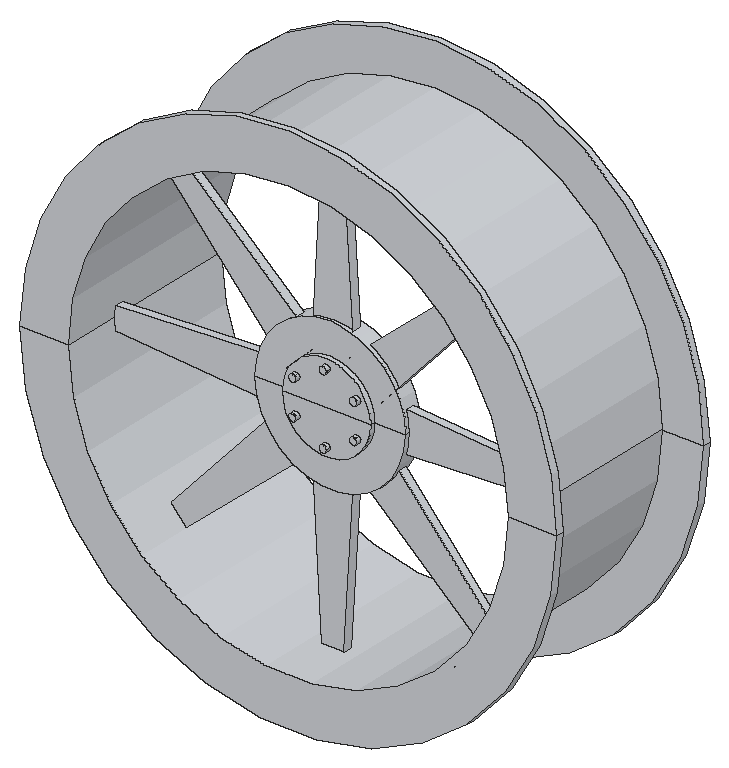
Revit family "CADS_Vent-Axia_MechEquip_Fan_VSC_SabreSickleShortCased_3Ph4P - EXTRACT", category Mechanical Equipment, Revit 2020
Family settings
  Round Connector Dimension = Use Diameter
  Part Type = Normal
  OmniClass Number = 23.75.00.00
  OmniClass Title = Climate Control (HVAC)
  Work Plane-Based = No
  Always vertical = Yes
  Cut with Voids When Loaded = No
  Shared = No
  Room Calculation Point = No
Parameters (values of type "VSC31534A")
  WorkingPressure = 0.0 Pa
  WarrantyStartDate [instance] = "1900-12-31T23:59:59"
  WarrantyPeriod = ""
  WarrantyIdentifier = "N/A"
  WarrantyGuarantorParts = "tech@vent-axia.com"
  WarrantyGuarantorLabor = "tech@vent-axia.com"
  WarrantyGuarantor = "Vent-Axia Limited"
  WarrantyEndDate [instance] = "1900-12-31T23:59:59"
  WarrantyContent = ""
  TemperatureRange = ""
  TagNumber [instance] = "N/A"
  SustainabilityPerformance = ""
  Status = "New"
  Size = ""
  Shape = ""
  ServiceLifeType = ""
  ServiceLifeDuration = ""
  SerialNumber [instance] = "N/A"
  ReplacementCost = ""
  RatedVoltage = 0 V
  RatedCurrent = 0 A
  Quantity = 1
  ProductionYear = ""
  PressureCurve = ""
  PowerFactor = ""
  PointOfContact = ""
  NumberOfPoles = 0
  NominalWidth = 315 mm
  NominalLength = 136.5 mm
  NominalHeight = 315 mm
  NominalFrequencyRange = ""
  NominalDiameter = 315 mm
  ModelReference = "OWLET SICKLE CASE FAN 315DIA 3PH 4 POLE"
  ModelNumber = "VSC31534A"
  Material = ""
  ManufacturerE-Mail = "tech@vent-axia.com"
  ManufacturerAddress = "Fleming Way\nCrawley \nRH10 9YX"
  IsExtendedWarranty = no
  InsulationStandardClass = ""
  InstallationDate [instance] = "1900-12-31T23:59:59"
  IfcExportType [instance] = ""
  IfcExportAs = "IfcFanType"
  IP_Code = ""
  HasProtectiveEarth = no
  GrossWeight = 0.00 kg
  Grade = ""
  GlobalTradeItemNumber [instance] = "N/A"
  Fitting Type = "Ignore"
  Finish = ""
  Features = ""
  ExteriorInsulation = no
  ExpectedServiceLife = 0
  Exclusions = ""
  DurationUnit = "Year"
  Default Elevation = 0 mm
  Constituents = ""
  ConductorFunction = ""
  Color = ""
  CodePerformance = ""
  Category = ""
  CADS_Usage = 0
  CADS_Index = 0
  AssetType = "FIXED"
  AssetIdentifier [instance] = "N/A"
  AssemblyPlace = "UNKNOWN"
  ArticleNumber [instance] = "N/A"
  AirflowRateRange = 0.0 L/s
  Air Flow [instance] = 0.0 L/s
  AccessibilityPerformance = ""
Types (7, lengths in mm): name | NominalWidth | NominalLength | NominalHeight | NominalDiameter | ModelReference | ModelNumber
  VSC31534A | 315 | 136.5 | 315 | 315 | "OWLET SICKLE CASE FAN 315DIA 3PH 4 POLE" | "VSC31534A"
  VSC35534A | 355 | 135 | 355 | 355 | "OWLET SICKLE CASE FAN 355 DIA 3PH 4 POLE" | "VSC35534A"
  VSC40034A | 400 | 155 | 400 | 400 | "OWLET SICKLE CASE FAN 400 DIA 3PH 4 POLE" | "VSC40034A"
  VSC45034A | 450 | 160 | 450 | 450 | "OWLET SICKLE CASE FAN 450 DIA 3PH 4 POLE" | "VSC45034A"
  VSC50034A | 500 | 166 | 500 | 500 | "OWLET SICKLE CASE FAN 500 DIA 3PH 4 POLE" | "VSC50034A"
  VSC56034A | 560 | 210 | 560 | 560 | "OWLET SICKLE CASE FAN 560DIA 3PH 4 POLE" | "VSC56034A"
  VSC63034B | 630 | 225.5 | 630 | 630 | "630MM 3PH 4P CASED FAN REF CODE 170513" | "VSC63034B"
Reference planes
  plane 1 "Center (Front/Back)": y = 0
  plane 2: z = 0
  plane 3 "Center (Left/Right)": x = 0
  plane 4: x = -157.5
  plane 5: x = 157.5
  plane 6 "F": y = -68.25
  plane 7 "B": y = 68.25
  plane 8: x = -192.5
  plane 9: y = 63.25
  plane 10: y = -63.25
  plane 11: x = -162.5
  plane 12: y = -28.25
  plane 13 "top": z = 157.5
  plane 14: z = -157.5
Forms (mm)
  Revolve 1, solid
    sketch origin (0, 0, 0) x (1, 0, 0) y (0, 1, 0)
      loop
        line (-192.5, -68.25) -> (-157.5, -68.25) -> (-157.5, 68.25) -> (-192.5, 68.25) -> (-192.5, 63.25) -> (-162.5, 63.25) -> (-162.5, -63.25) -> (-192.5, -63.25) -> (-192.5, -68.25)
      axis (0, 68.25) -> (0, -68.25)
    angle from 0 to 360
Dimensions and locks
  equal spacing: plane 4, plane 3 "Center (Left/Right)", plane 5
  equal spacing: plane 7 "B", plane 1 "Center (Front/Back)", plane 6 "F"
  "NominalLength": plane 7 "B" to plane 6 "F"
  "NominalDiameter": plane 4 to plane 5
  locked: plane 11 to plane 4 at 5
  locked: plane 8 to plane 11 at 30
  locked: plane 6 "F" to plane 10 at 5
  locked: plane 7 "B" to plane 9 at 5
  locked: plane 6 "F" to plane 12 at 40
  equal spacing: plane 13 "top", level, plane 14
  "NominalDiameter": plane 13 "top" to plane 14
  aligned and locked: level to plane 2
  aligned and locked: nested 1 to plane 12
Automatic sketch dimensions
  plane 6 "F" to Revolve 1 sketch curve = 0 mm
  Revolve 1 sketch curve to plane 8 = 0 mm  (x2)
  plane 10 to Revolve 1 sketch curve = 0 mm
  Revolve 1 sketch curve to plane 11 = 0 mm
  Revolve 1 sketch curve to plane 4 = 0 mm
  Revolve 1 sketch curve to plane 3 "Center (Left/Right)" = 0 mm
  plane 1 "Center (Front/Back)" to Revolve 1 sketch curve = 0 mm
  Revolve 1 sketch curve to plane 9 = 0 mm
  Revolve 1 sketch curve to plane 7 "B" = 0 mm
  plane 6 "F" to Revolve 1 sketch curve = 115 mm
Nested families
  nested 1: "Fan for ESC" at (0, -28.25, 0), ND <- "NominalDiameter", type "Fan for ESC"
    with hub 31.5 mm, ND 315 mm, BoltPCD 25.2 mm, Bolt Count 6, B_Diam 5 mm
  nested 2: "Bolts" at (21.824, -37.422, -12.6) x (-0.5, 0, -0.866) z (0, 1, 0), type "Bolts"
    with bd 5 mm
  nested 3: "Bolts" at (0, -37.422, -25.2) x (-1, 0, 0) z (0, 1, 0), type "Bolts"
    with bd 5 mm
  nested 4: "Bolts" at (-21.824, -37.422, -12.6) x (-0.5, 0, 0.866) z (0, 1, 0), type "Bolts"
    with bd 5 mm
  nested 5: "Bolts" at (-21.824, -37.422, 12.6) x (0.5, 0, 0.866) z (0, 1, 0), type "Bolts"
    with bd 5 mm
  nested 6: "Bolts" at (21.824, -37.422, 12.6) x (0.5, 0, -0.866) z (0, 1, 0), type "Bolts"
    with bd 5 mm
  nested 7: "Bolts" at (0, -37.422, 25.2) x (1, 0, 0) z (0, 1, 0), type "Bolts"
    with bd 5 mm
  nested 8: "ESC Blade" at (0, -28.25, 0), type "ESC Blade"
    with a 20.00°, HR 31.5 mm, HD 63 mm, BT 15.75 mm, BR 126 mm, BH 40 mm, BD 315 mm, BB 31.5 mm
  nested 9: "ESC Blade" at (0, -28.25, 0) x (0.7071, 0, -0.7071) z (0.7071, 0, 0.7071), type "ESC Blade"
    with a 20.00°, HR 31.5 mm, HD 63 mm, BT 15.75 mm, BR 126 mm, BH 40 mm, BD 315 mm, BB 31.5 mm
  nested 10: "ESC Blade" at (0, -28.25, 0) x (0, 0, -1) z (1, 0, 0), type "ESC Blade"
    with a 20.00°, HR 31.5 mm, HD 63 mm, BT 15.75 mm, BR 126 mm, BH 40 mm, BD 315 mm, BB 31.5 mm
  nested 11: "ESC Blade" at (0, -28.25, 0) x (-0.7071, 0, -0.7071) z (0.7071, 0, -0.7071), type "ESC Blade"
    with a 20.00°, HR 31.5 mm, HD 63 mm, BT 15.75 mm, BR 126 mm, BH 40 mm, BD 315 mm, BB 31.5 mm
  nested 12: "ESC Blade" at (0, -28.25, 0) x (-1, 0, 0) z (0, 0, -1), type "ESC Blade"
    with a 20.00°, HR 31.5 mm, HD 63 mm, BT 15.75 mm, BR 126 mm, BH 40 mm, BD 315 mm, BB 31.5 mm
  nested 13: "ESC Blade" at (0, -28.25, 0) x (-0.7071, 0, -0.7071) z (-0.7071, 0, 0.7071), type "ESC Blade"
    with a 20.00°, HR 31.5 mm, HD 63 mm, BT 15.75 mm, BR 126 mm, BH 40 mm, BD 315 mm, BB 31.5 mm
  nested 14: "ESC Blade" at (0, -28.25, 0) x (0, 0, -1) z (-1, 0, 0), type "ESC Blade"
    with a 20.00°, HR 31.5 mm, HD 63 mm, BT 15.75 mm, BR 126 mm, BH 40 mm, BD 315 mm, BB 31.5 mm
  nested 15: "ESC Blade" at (0, -28.25, 0) x (0.7071, 0, -0.7071) z (-0.7071, 0, -0.7071), type "ESC Blade"
    with a 20.00°, HR 31.5 mm, HD 63 mm, BT 15.75 mm, BR 126 mm, BH 40 mm, BD 315 mm, BB 31.5 mm
Connectors
  hvac at (0, -68.25, 0), driven by "NominalDiameter", driven by "Air Flow"
    settings: on Revolve 1, index 1, duct flow 0.0 L/s, flow factor 0, pres drop 0.0 Pa, loss coef 0, conn angle 0.00°, conn width 304.8 mm, conn height 304.8 mm, conn diameter 315 mm, duct sys type 2, conn prof type 0, flow config 0, flow direction 1, loss method 0, conn ref index -1, conn util no, is conn primary yes, conn desc ""
  hvac at (0, 68.25, 0), driven by "NominalDiameter", driven by "Air Flow"
    settings: on Revolve 1, index 2, duct flow 0.0 L/s, flow factor 0, pres drop 0.0 Pa, loss coef 0, conn angle 0.00°, conn width 304.8 mm, conn height 304.8 mm, conn diameter 315 mm, duct sys type 3, conn prof type 0, flow config 1, flow direction 2, loss method 0, conn ref index -1, conn util no, is conn primary no, conn desc ""
Definition of nested family "Fan for ESC"
  Parameters (values of type "Fan for ESC")
    hub [instance] = ND / 10  # 56.7 mm
    ND [instance] = 567 mm
    Model = "."
    Default Elevation = 0 mm
    BoltPCD [instance] = hub - (hub * 0.2)  # 45.36 mm
    Bolt Count [instance] = if(hub < 50 mm, 6, 8)  # 8
    B_Diam [instance] = if(hub < 50 mm, 5 mm, 10 mm)  # 10 mm
  Reference planes
    plane 1 "Center (Front/Back)": y = 0
    plane 2: z = 0
    plane 3 "Center (Left/Right)": x = 0
    plane 4 "back": y = 20
    plane 5 "bolts": y = -9.172
    plane 6 "B": z = 56.7
    plane 7: x = -79.287
    plane 8: x = -56.7
    plane 9 "hubface": y = -6.172
  Forms (mm)
    Revolve 1, solid
      sketch origin (0, 0, 0) x (1, 0, 0) y (0, 1, 0)
        loop
          line (0, 20) -> (-56.7, 20) -> (-56.7, 10.504) -> (-79.287, 10.504) -> (-79.287, -2.597) -> (-56.7, -2.597) -> (-56.7, -6.172) -> (0, -6.172) -> (0, 20)
        axis (0, 20) -> (0, -6.172)
      angle from 0 to 360
    Extrusion 2, solid, not visible
      sketch origin (0, -6.347, -4) x (-1, 0, 0) y (0, 0, 1)
        loop
          circle (0, 84) r 5
      from 0 to 3
  Lines and regions (mm)
    symbolic lines
      curve 1: circle (0, -9.172, 0) r 45.36 normal (0, 1, 0)
    model lines, not visible
      curve 2: line (0, -6.347, 85) -> (0, -6.347, 75)
  Dimensions and locks
    "hub": plane 6 "B" to plane 2
    "hub": nested 3 to plane 3 "Center (Left/Right)"
    "hub": nested 4 to plane 3 "Center (Left/Right)"
    "hub": nested 5 to plane 3 "Center (Left/Right)"
    "hub": plane 3 "Center (Left/Right)" to nested 6
    "hub": Revolve 1 sketch curve to Revolve 1 sketch curve
    "hub": plane 3 "Center (Left/Right)" to nested 7
    "hub": plane 3 "Center (Left/Right)" to nested 8
    "hub": plane 3 "Center (Left/Right)" to nested 9
    "hub": plane 8 to plane 3 "Center (Left/Right)"
    plane 7 to plane 8 = 22.587 mm
    diameter of Extrusion 2 sketch curve = 10 mm
    "BoltPCD": radius of curve 1
    "BoltPCD": radius of radial array
    aligned and locked: level to plane 2
    aligned and locked: plane 6 "B" to nested 1
  Automatic sketch dimensions
    Revolve 1 sketch curve to plane 7 = 0 mm
    Revolve 1 sketch curve to plane 8 = 0 mm  (x2)
    Revolve 1 sketch curve to plane 3 "Center (Left/Right)" = 0 mm
    Revolve 1 sketch curve to plane 9 "hubface" = 0 mm
    plane 4 "back" to Revolve 1 sketch curve = 0 mm
    plane 1 "Center (Front/Back)" to Revolve 1 sketch curve = 2.597 mm
    plane 4 "back" to Revolve 1 sketch curve = 9.496 mm
    Revolve 1 sketch curve to Revolve 1 sketch curve = 5 mm
    Revolve 1 sketch curve to plane 4 "back" = 45 mm
    curve 1 to level = 0 mm
    curve 1 to plane 3 "Center (Left/Right)" = 0 mm
  Nested families
    nested 1: "ESC Blade" at (0, 0, 0), BD <- "ND", HD <- "hub", type "ESC Blade"
      with a 20.00°, HR 56.7 mm, HD 113.4 mm, BT 28.35 mm, BR 226.8 mm, BH 40 mm, BD 567 mm, BB 56.7 mm
    nested 2: "ESC Blade" at (0, 0, 755), BD <- "ND", HD <- "hub", type "ESC Blade", not visible
      with a 20.00°, HR 56.7 mm, HD 113.4 mm, BT 28.35 mm, BR 226.8 mm, BH 40 mm, BD 567 mm, BB 56.7 mm
    nested 3: "ESC Blade" at (0, 0, 0) x (0.7071, 0, -0.7071) z (0.7071, 0, 0.7071), BD <- "ND", HD <- "hub", type "ESC Blade"
      with a 20.00°, HR 56.7 mm, HD 113.4 mm, BT 28.35 mm, BR 226.8 mm, BH 40 mm, BD 567 mm, BB 56.7 mm
    nested 4: "ESC Blade" at (0, 0, 0) x (0, 0, -1) z (1, 0, 0), BD <- "ND", HD <- "hub", type "ESC Blade"
      with a 20.00°, HR 56.7 mm, HD 113.4 mm, BT 28.35 mm, BR 226.8 mm, BH 40 mm, BD 567 mm, BB 56.7 mm
    nested 5: "ESC Blade" at (0, 0, 0) x (-0.7071, 0, -0.7071) z (0.7071, 0, -0.7071), BD <- "ND", HD <- "hub", type "ESC Blade"
      with a 20.00°, HR 56.7 mm, HD 113.4 mm, BT 28.35 mm, BR 226.8 mm, BH 40 mm, BD 567 mm, BB 56.7 mm
    nested 6: "ESC Blade" at (0, 0, 0) x (-1, 0, 0) z (0, 0, -1), BD <- "ND", HD <- "hub", type "ESC Blade"
      with a 20.00°, HR 56.7 mm, HD 113.4 mm, BT 28.35 mm, BR 226.8 mm, BH 40 mm, BD 567 mm, BB 56.7 mm
    nested 7: "ESC Blade" at (0, 0, 0) x (-0.7071, 0, -0.7071) z (-0.7071, 0, 0.7071), BD <- "ND", HD <- "hub", type "ESC Blade"
      with a 20.00°, HR 56.7 mm, HD 113.4 mm, BT 28.35 mm, BR 226.8 mm, BH 40 mm, BD 567 mm, BB 56.7 mm
    nested 8: "ESC Blade" at (0, 0, 0) x (0, 0, -1) z (-1, 0, 0), BD <- "ND", HD <- "hub", type "ESC Blade"
      with a 20.00°, HR 56.7 mm, HD 113.4 mm, BT 28.35 mm, BR 226.8 mm, BH 40 mm, BD 567 mm, BB 56.7 mm
    nested 9: "ESC Blade" at (0, 0, 0) x (0.7071, 0, -0.7071) z (-0.7071, 0, -0.7071), BD <- "ND", HD <- "hub", type "ESC Blade"
      with a 20.00°, HR 56.7 mm, HD 113.4 mm, BT 28.35 mm, BR 226.8 mm, BH 40 mm, BD 567 mm, BB 56.7 mm
    nested 10: "Bolts" at (0, -9.172, 45.36) x (1, 0, 0) z (0, 1, 0), bd <- "B_Diam", type "Bolts"
      with bd 10 mm
    nested 11: "Bolts" at (32.074, -9.172, 32.074) x (0.7071, 0, -0.7071) z (0, 1, 0), bd <- "B_Diam", type "Bolts"
      with bd 10 mm
    nested 12: "Bolts" at (-32.074, -9.172, 32.074) x (0.7071, 0, 0.7071) z (0, 1, 0), bd <- "B_Diam", type "Bolts"
      with bd 10 mm
    nested 13: "Bolts" at (-45.36, -9.172, 0) x (0, 0, 1) z (0, 1, 0), bd <- "B_Diam", type "Bolts"
      with bd 10 mm
    nested 14: "Bolts" at (-32.074, -9.172, -32.074) x (-0.7071, 0, 0.7071) z (0, 1, 0), bd <- "B_Diam", type "Bolts"
      with bd 10 mm
    nested 15: "Bolts" at (0, -9.172, -45.36) x (-1, 0, 0) z (0, 1, 0), bd <- "B_Diam", type "Bolts"
      with bd 10 mm
    nested 16: "Bolts" at (32.074, -9.172, -32.074) x (-0.7071, 0, -0.7071) z (0, 1, 0), bd <- "B_Diam", type "Bolts"
      with bd 10 mm
    nested 17: "Bolts" at (45.36, -9.172, 0) x (0, 0, -1) z (0, 1, 0), bd <- "B_Diam", type "Bolts"
      with bd 10 mm
  Definition of nested family "ESC Blade"
    Parameters (values of type "ESC Blade")
      a [instance] = 20.00°
      HR [instance] = HD / 2  # 30 mm
      HD [instance] = BD / 5  # 60 mm
      Default Elevation = 1219.2 mm
      BT [instance] = BD / 20  # 15 mm
      BR [instance] = (BD / 2) - HR  # 120 mm
      BH [instance] = 40 mm
      BD [instance] = 300 mm
      BB [instance] = BD / 10  # 30 mm
    Reference planes
      plane 1 "Center (Front/Back)": y = 0
      plane 2: z = 0
      plane 3 "Center (Left/Right)": x = 0
      plane 4 "Blade Bot": z = 30
      plane 5: x = -15
      plane 6: x = 15
      plane 7: x = -7.5
      plane 8: x = 7.5
    Forms (mm)
      Blend 1, solid
        base sketch origin (0, 0, 30) x (-1, 0, 0) y (0, -1, 0)
          loop
            line (15, 0) -> (-15, 0) -> (-15, -6) -> (15, -6) -> (15, 0)
        top sketch origin (0, 0, 30) x (-1, 0, 0) y (0, -1, 0)
          loop
            line (7.5, -6) -> (7.5, 0) -> (-7.5, 0) -> (-7.5, -6) -> (7.5, -6)
        from 0 to 120 <- "BR"
    Dimensions and locks
      "HR": plane 4 "Blade Bot" to level
      equal spacing: plane 8, plane 3 "Center (Left/Right)", plane 7
      "BT": plane 8 to plane 7
      equal spacing: plane 6, plane 3 "Center (Left/Right)", plane 5
      "BB": plane 6 to plane 5
      aligned and locked: level to plane 2
    Automatic sketch dimensions
      plane 1 "Center (Front/Back)" to Blend 1 sketch curve = 0 mm  (x2)
      Blend 1 sketch curve to plane 6 = 0 mm
      Blend 1 sketch curve to plane 5 = 0 mm
      Blend 1 sketch curve to plane 1 "Center (Front/Back)" = 6 mm  (x2)
      Blend 1 sketch curve to plane 8 = 0 mm
      Blend 1 sketch curve to plane 7 = 0 mm
  Definition of nested family "Bolts"
    Parameters
      bd [instance] = 10 mm
      Default Elevation = 1219.2 mm
    Reference planes
      plane 1 "Center (Front/Back)": y = 0
      plane 2: z = 0
      plane 3 "Center (Left/Right)": x = 0
    Forms (mm)
      Extrusion 1, solid
        sketch origin (0, 0, 0) x (1, 0, 0) y (0, 1, 0)
          loop
            line (-1219.2, 1219.2) -> (-1219.2, -1219.2) -> (1219.2, -1219.2) -> (1219.2, 1219.2) -> (-1219.2, 1219.2)
        from 0 to -304.8
      Extrusion 2, solid
        sketch origin (0, 0, 0) x (1, 0, 0) y (0, 1, 0)
          loop
            circle (0, 0) r 5
        from 0 to 3
    Dimensions and locks
      "bd": diameter of Extrusion 2 sketch curve
      aligned and locked: plane 2 to Extrusion 1
      aligned and locked: level to Extrusion 1
    Automatic sketch dimensions
      Extrusion 1 sketch curve to Extrusion 1 sketch curve = 2438.4 mm  (x2)
      plane 1 "Center (Front/Back)" to Extrusion 2 sketch curve = 0 mm
      Extrusion 2 sketch curve to plane 3 "Center (Left/Right)" = 0 mm
Definition of nested family "Bolts"
  Parameters
    bd [instance] = 10 mm
    Default Elevation = 1219.2 mm
  Reference planes
    plane 1 "Center (Front/Back)": y = 0
    plane 2: z = 0
    plane 3 "Center (Left/Right)": x = 0
  Forms (mm)
    Extrusion 1, solid
      sketch origin (0, 0, 0) x (1, 0, 0) y (0, 1, 0)
        loop
          line (-1219.2, 1219.2) -> (-1219.2, -1219.2) -> (1219.2, -1219.2) -> (1219.2, 1219.2) -> (-1219.2, 1219.2)
      from 0 to -304.8
    Extrusion 2, solid
      sketch origin (0, 0, 0) x (1, 0, 0) y (0, 1, 0)
        loop
          circle (0, 0) r 5
      from 0 to 3
  Dimensions and locks
    "bd": diameter of Extrusion 2 sketch curve
    aligned and locked: plane 2 to Extrusion 1
    aligned and locked: level to Extrusion 1
  Automatic sketch dimensions
    Extrusion 1 sketch curve to Extrusion 1 sketch curve = 2438.4 mm  (x2)
    plane 1 "Center (Front/Back)" to Extrusion 2 sketch curve = 0 mm
    Extrusion 2 sketch curve to plane 3 "Center (Left/Right)" = 0 mm
Definition of nested family "ESC Blade"
  Parameters (values of type "ESC Blade")
    a [instance] = 20.00°
    HR [instance] = HD / 2  # 30 mm
    HD [instance] = BD / 5  # 60 mm
    Default Elevation = 1219.2 mm
    BT [instance] = BD / 20  # 15 mm
    BR [instance] = (BD / 2) - HR  # 120 mm
    BH [instance] = 40 mm
    BD [instance] = 300 mm
    BB [instance] = BD / 10  # 30 mm
  Reference planes
    plane 1 "Center (Front/Back)": y = 0
    plane 2: z = 0
    plane 3 "Center (Left/Right)": x = 0
    plane 4 "Blade Bot": z = 30
    plane 5: x = -15
    plane 6: x = 15
    plane 7: x = -7.5
    plane 8: x = 7.5
  Forms (mm)
    Blend 1, solid
      base sketch origin (0, 0, 30) x (-1, 0, 0) y (0, -1, 0)
        loop
          line (15, 0) -> (-15, 0) -> (-15, -6) -> (15, -6) -> (15, 0)
      top sketch origin (0, 0, 30) x (-1, 0, 0) y (0, -1, 0)
        loop
          line (7.5, -6) -> (7.5, 0) -> (-7.5, 0) -> (-7.5, -6) -> (7.5, -6)
      from 0 to 120 <- "BR"
  Dimensions and locks
    "HR": plane 4 "Blade Bot" to level
    equal spacing: plane 8, plane 3 "Center (Left/Right)", plane 7
    "BT": plane 8 to plane 7
    equal spacing: plane 6, plane 3 "Center (Left/Right)", plane 5
    "BB": plane 6 to plane 5
    aligned and locked: level to plane 2
  Automatic sketch dimensions
    plane 1 "Center (Front/Back)" to Blend 1 sketch curve = 0 mm  (x2)
    Blend 1 sketch curve to plane 6 = 0 mm
    Blend 1 sketch curve to plane 5 = 0 mm
    Blend 1 sketch curve to plane 1 "Center (Front/Back)" = 6 mm  (x2)
    Blend 1 sketch curve to plane 8 = 0 mm
    Blend 1 sketch curve to plane 7 = 0 mm
